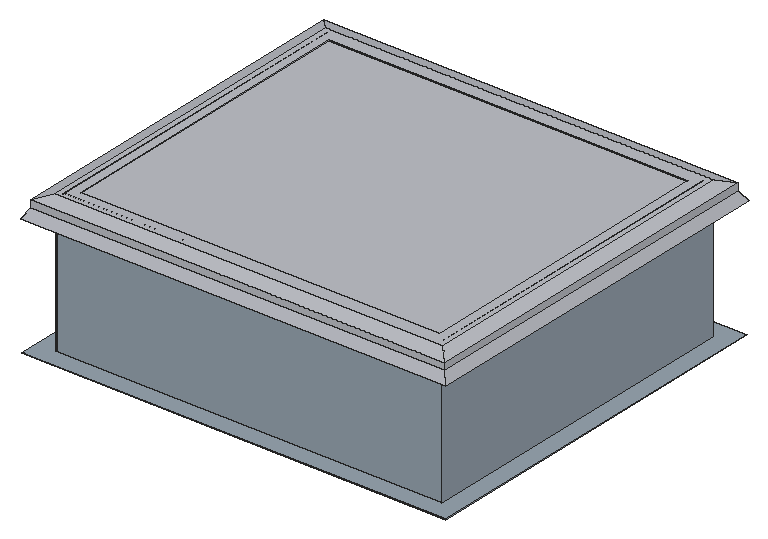
Revit family "Точечный зенитный фонарь (люк) M8CITY_П", category Окна, Revit 2017
Family settings
  Основа = Крыша
  Всегда вертикально = Нет
  При загрузке вырезать с полостями = Нет
  Общий = Нет
  Точка расчета площади = Нет
Parameters (values of type "Зенитный фонарь M8CITY Т-П-pro")
  Электронный адрес Отдела продаж [instance] = "info@m8city.by"  # constant formula
  Ширина проёма ввод = 1600 mm
  Ширина проёма = Width  # 1600 mm
  Width = if(Ширина проёма ввод < 700 mm, 700 mm, if(Ширина проёма ввод > 1700 mm, 1700 mm, Ширина проёма ввод))  # 1600 mm
  Угол открывания [instance] = 0.00°
  Угол начальный [instance] = Угол открывания - 90.00°  # -90.00°
  Телефон [instance] = "+375 17 388 44 32, +7 495 946 99 02"  # constant formula
  СПЛ25 = Купол зенитного фонаря П pro : Сендвич-панель 25 мм
  СП26 = Купол зенитного фонаря П pro : СП 26 мм
  СП24 = Купол зенитного фонаря П pro : СП 24 мм
  Привод [instance] = 3
  ПП20 = Купол зенитного фонаря П pro : ПК прозрачный 20 мм
  ПП16 = Купол зенитного фонаря П pro : ПК прозрачный 16 мм
  ПМ20 = Купол зенитного фонаря П pro : ПК молочный 20 мм
  ПМ16 = Купол зенитного фонаря П pro : ПК молочный 16 мм
  Описание = "Точечный зенитный фонарь (люк) M8CITY pro с алюминиевым обрамлением сложного сечения"  # constant formula
  Купол зенитного фонаря П pro [instance] = 7
  Купол зенитного фонаря [instance] = if(Купол зенитного фонаря П pro = 1, ПМ16, if(Купол зенитного фонаря П pro = 2, ПМ20, if(Купол зенитного фонаря П pro = 3, ПП16, if(Купол зенитного фонаря П pro = 4, ПП20, if(Купол зенитного фонаря П pro = 5, СП24, if(Купол зенитного фонаря П pro = 6, СП26, if(Купол зенитного фонаря П pro = 7, СПЛ25, ПМ16)))))))  # Купол зенитного фонаря П pro : Сендвич-панель 25 мм
  Изготовитель = "ООО Завод М8 Сити Про"  # constant formula
  Длина проёма ввод = 1400 mm
  Длина проёма = Длина  # 1400 mm
  Длина = if(Длина проёма ввод < 700 mm, 700 mm, if(Длина проёма ввод > 1700 mm, 1700 mm, Длина проёма ввод))  # 1400 mm
  Высота основания = 527 mm
  Height = Высота основания + 73 mm  # 600 mm
  Видимость привода [instance] = and(Привод < 5, not(Привод = 2))  # yes
  Бренд [instance] = "M8CITY"  # constant formula
  URL = "www.m8city.by"
  230В [instance] = and(Привод < 5, or(Привод = 2, Привод = 4))  # no
Reference planes
  plane 1 "По центру (Вперед/Назад)": y = 0
  plane 2 "Крыша": z = 4000
  plane 3 "По центру (Влево/Вправо)": x = 0
  plane 4: x = -800
  plane 5: x = 800
  plane 6: y = 700
  plane 7: y = -700
  plane 8: z = 4152.4
  plane 9: z = 4679.4
  plane 10: z = 4752.4
  plane 11: z = 4649.4
  plane 12: z = 4959.4
  plane 13: x = -805
  plane 14: y = -705
  plane 15: x = 805
  plane 16: y = 705
  plane 17 "Ось петель": z = 4680.4
  plane 18: x = 865
Forms (mm)
  Extrusion 1, solid, material "Сталь", detail levels coarse
    sketch origin (0, 0, 4000) x (1, 0, 0) y (0, 1, 0)
      loop
        line (-805, 705) -> (-805, -705) -> (805, -705) -> (805, 705) -> (-805, 705)
    from 152.4 to 679.4
  Sweep 2, solid, material "Сталь", detail levels medium+fine
    path origin (0, 0, 4000) x (1, 0, 0) y (0, 1, 0)
      loop
        line (-800, 700) -> (-800, -700) -> (800, -700) -> (800, 700) -> (-800, 700)
    profile origin (0, 700, 4000) x (0, 1, 0) y (0, 0, 1)
      loop
        line (0, 152.4) -> (80, 152.4) -> (80, 153.9) -> (1.5, 153.9) -> (1.5, 677.9) -> (63.5, 677.9) -> (63.5, 659.4) -> (65, 659.4) -> (65, 679.4) -> (0, 679.4) -> (0, 152.4)
  Extrusion 3, void, detail levels coarse
    sketch origin (0, 0, 4000) x (1, 0, 0) y (0, 1, 0)
      loop
        line (-800, 700) -> (-800, -700) -> (800, -700) -> (800, 700) -> (-800, 700)
    from 152.4 to 679.4
  Revolve 4, solid, not visible
    sketch origin (0, 0, 4680.4) x (-1, 0, 0) y (0, -1, 0)
      loop
        line (-800, -33.736) -> (-800, 36.264) -> (-820, 36.264) -> (-820, -33.736) -> (-800, -33.736)
      axis (-800, 36.264) -> (-800, -33.736)
    angle from -90 <- "Угол начальный" to 0 <- "Угол открывания"
  Extrusion 5, solid, material "Алюминий", detail levels coarse
    sketch origin (0, 0, 4000) x (1, 0, 0) y (0, 1, 0)
      loop
        line (-880, 780) -> (-880, -780) -> (880, -780) -> (880, 780) -> (-880, 780)
    from 679.4 to 737.721
Cuts and joins
  Extrusion 3 cuts Extrusion 1
  Extrusion 3 cuts Sweep 2
Lines and regions (mm)
  Opening 1
    outline origin (0, 0, 4152.4) x (0, 1, 0) y (-1, 0, 0)
      loop
        line (700, 800) -> (-700, 800) -> (-700, -800) -> (700, -800) -> (700, 800)
Dimensions and locks
  equal spacing: host sketch curve, plane 3 "По центру (Влево/Вправо)", host sketch curve
  equal spacing: host sketch curve, plane 1 "По центру (Вперед/Назад)", host sketch curve
  equal spacing: plane 4, plane 3 "По центру (Влево/Вправо)", plane 5
  equal spacing: plane 6, plane 1 "По центру (Вперед/Назад)", plane 7
  "Ширина проёма": plane 4 to plane 5
  "Длина проёма": plane 6 to plane 7
  "Высота основания": plane 9 to plane 8
  "Height": plane 10 to host roof
  plane 10 to plane 9 = 73 mm
  locked: plane 9 to plane 11 at 30
  locked: plane 12 to plane 9 at 280
  plane 12 to plane 9 = 280 mm
  locked: plane 16 to plane 6 at 5
  locked: plane 5 to plane 15 at 5
  locked: plane 7 to plane 14 at 5
  locked: plane 13 to plane 4 at 5
  locked: plane 4 to nested 1 at 30
  locked: plane 9 to nested 1 at 17.5
  locked: plane 17 "Ось петель" to plane 9 at 1
  locked: plane 15 to plane 18 at 60
  Extrusion 5 sketch curve to plane 4 = 80 mm
  Extrusion 5 sketch curve to plane 6 = 80 mm
  locked: plane 5 to Extrusion 5 sketch curve at 80
  locked: plane 7 to Extrusion 5 sketch curve at 80
  locked: Extrusion 5 to Extrusion 5 at 58.321
  aligned and locked: level to plane 2 "Крыша"
  aligned and locked: plane 8 to host roof
  aligned and locked: Extrusion 1 to plane 8
  aligned and locked: plane 9 to Extrusion 1
  aligned and locked: Opening 1 sketch curve to plane 6
  aligned and locked: Opening 1 sketch curve to plane 5
  aligned and locked: Opening 1 sketch curve to plane 7
  aligned and locked: Opening 1 sketch curve to plane 4
  aligned and locked: Sweep 2 sketch curve to plane 6
  aligned and locked: Sweep 2 sketch curve to plane 5
  aligned and locked: Sweep 2 sketch curve to plane 7
  aligned and locked: Sweep 2 sketch curve to plane 4
  aligned and locked: Sweep 2 to plane 8
  aligned and locked: plane 9 to Sweep 2
  aligned and locked: Extrusion 1 sketch curve to plane 13
  aligned and locked: Extrusion 1 sketch curve to plane 16
  aligned and locked: Extrusion 1 sketch curve to plane 14
  aligned and locked: Extrusion 1 sketch curve to plane 15
  aligned and locked: Extrusion 3 sketch curve to plane 4
  aligned and locked: Extrusion 3 sketch curve to plane 7
  aligned and locked: Extrusion 3 sketch curve to plane 6
  aligned and locked: Extrusion 3 sketch curve to plane 5
  aligned and locked: cut or joined group of Extrusion 1, Extrusion 3 to plane 8
  aligned and locked: plane 9 to cut or joined group of Extrusion 1, Extrusion 3
  aligned and locked: plane 1 "По центру (Вперед/Назад)" to nested 1
  aligned and locked: Revolve 4 sketch curve to host roof
  aligned and locked: plane 3 "По центру (Влево/Вправо)" to nested 2
  aligned and locked: nested 2 to plane 1 "По центру (Вперед/Назад)"
  aligned and locked: nested 2 to plane 8
  aligned and locked: Extrusion 5 to plane 9
  aligned and locked: nested 3 to plane 1 "По центру (Вперед/Назад)"
  aligned and locked: nested 3 to plane 3 "По центру (Влево/Вправо)"
Automatic sketch dimensions
  Revolve 4 sketch curve to plane 5 = 0 mm
  Revolve 4 sketch curve to plane 6 = 0 mm
  Revolve 4 sketch curve to plane 7 = 0 mm
  plane 15 to Revolve 4 sketch curve = 15 mm
  Revolve 4 sketch curve to plane 1 "По центру (Вперед/Назад)" = 33.736 mm
  plane 1 "По центру (Вперед/Назад)" to Revolve 4 sketch curve = 36.264 mm
  Sweep 2 sketch curve to profile plane = 0 mm
  Sweep 2 sketch curve to profile plane = 1.5 mm
  Sweep 2 sketch curve to profile plane = 63.5 mm
  Sweep 2 sketch curve to Sweep 2 sketch curve = 1.5 mm  (x3)
  Sweep 2 sketch curve to Sweep 2 sketch curve = 78.5 mm
  level to Sweep 2 sketch curve = 152.4 mm
  Sweep 2 sketch curve to Sweep 2 sketch curve = 505.5 mm
  Sweep 2 sketch curve to Sweep 2 sketch curve = 18.5 mm
Nested families
  nested 1: "Привод 230В" at (-770, 0, 4591.9), visible <- "230В", type "Привод 230В"
    with Ширина 1600 mm, Длина 1400 mm
  nested 2: "Привод" at (0, 0, 4152.4) x (0, 1, 0) z (0, 0, 1), visible <- "Видимость привода", type "Привод"
    with Ширина 1600 mm, Длина 1400 mm, Высота 527 mm
  nested 3: "Купол зенитного фонаря П pro" at (0, 0, 4680.4) x (-1, 0, 0) z (0, 0, 1), type <- "Купол зенитного фонаря", type "Сендвич-панель 25 мм", detail levels medium+fine
Definition of nested family "Привод 230В"
  Parameters (values of type "Привод 230В")
    Ширина = 1340 mm
    Длина = 1210.736 mm
  Reference planes
    plane 1 "По центру (Вперед/Назад)": y = 0
    plane 2: z = 0
    plane 3 "По центру (Влево/Вправо)": x = 0
    plane 4: z = 70
    plane 5: z = -615
    plane 6: z = -185
    plane 7: z = 55
    plane 8: z = -20
    plane 9: y = 45
    plane 10: y = -45
    plane 11: x = -850
    plane 12: x = -670
    plane 13: y = 605.368
    plane 14: x = 670
    plane 15: y = -605.368
  Forms (mm)
    Extrusion 1, solid
      sketch origin (0, 0, 0) x (1, 0, 0) y (0, 0, 1)
        loop
          line (0, -20) -> (0, -185) -> (90, -185) -> (90, -65) -> (69.016, -20) -> (0, -20)
      from -45 to 45
    Extrusion 2, solid
      sketch origin (0, 0, 0) x (1, 0, 0) y (0, 0, 1)
        loop
          line (0, -185) -> (0, -410) -> (40, -410) -> (40, -185) -> (0, -185)
      from -20 to 20
    Revolve 3, solid
      sketch origin (0, 0, 0) x (1, 0, 0) y (0, 0, 1)
        loop
          line (65, -185) -> (65, -210) -> (68, -210) -> (68, -200) -> (73, -200) -> (73, -185) -> (65, -185)
        axis (65, -185) -> (65, -210)
      angle from 0 to 360
    Revolve 4, solid
      sketch origin (0, 0, 0) x (1, 0, 0) y (0, 0, 1)
        loop
          line (12.727, 55) -> (12.727, -20) -> (25.454, -20) -> (25.454, 55) -> (12.727, 55)
        axis (12.727, -20) -> (12.727, 55)
      angle from 0 to 360
    Revolve 5, solid
      sketch origin (0, 0, 0) x (1, 0, 0) y (0, 0, 1)
        loop
          line (12.727, 55) -> (15.227, 55) -> (15.227, 70) -> (12.727, 70) -> (12.727, 55)
        axis (12.727, 70) -> (12.727, 55)
      angle from 0 to 360
    Extrusion 6, solid
      sketch origin (0, 0, 0) x (1, 0, 0) y (0, 0, 1)
        loop
          circle (12.727, 0) r 6
      from -20 to 20
  Dimensions and locks
    plane 4 to plane 2 = 70 mm
    locked: plane 2 to plane 6 at 185
    locked: plane 6 to plane 5 at 430
    locked: plane 7 to plane 2 at 55
    locked: plane 2 to plane 8 at 20
    locked: Extrusion 1 sketch curve to Extrusion 1 sketch curve at 90
    locked: plane 1 "По центру (Вперед/Назад)" to plane 9 at 45
    locked: plane 10 to plane 1 "По центру (Вперед/Назад)" at 45
    plane 1 "По центру (Вперед/Назад)" to Extrusion 2 = 20 mm
    Extrusion 2 to plane 1 "По центру (Вперед/Назад)" = 20 mm
    equal spacing: plane 12, plane 3 "По центру (Влево/Вправо)", plane 14
    equal spacing: plane 13, plane 1 "По центру (Вперед/Назад)", plane 15
    "Ширина": plane 12 to plane 14
    "Длина": plane 13 to plane 15
    aligned and locked: level to plane 2
    aligned and locked: Extrusion 2 sketch curve to plane 3 "По центру (Влево/Вправо)"
    aligned and locked: plane 9 to Extrusion 1
    aligned and locked: Extrusion 1 to plane 10
  Automatic sketch dimensions
    Extrusion 1 sketch curve to plane 3 "По центру (Влево/Вправо)" = 0 mm
    Extrusion 1 sketch curve to plane 8 = 0 mm
    Extrusion 1 sketch curve to plane 6 = 0 mm
    Extrusion 1 sketch curve to Extrusion 1 sketch curve = 20.984 mm
    Extrusion 1 sketch curve to plane 8 = 45 mm
    Revolve 3 sketch curve to plane 6 = 0 mm  (x2)
    plane 3 "По центру (Влево/Вправо)" to Revolve 3 sketch curve = 65 mm
    Revolve 3 sketch curve to Revolve 3 sketch curve = 3 mm
    Revolve 3 sketch curve to Revolve 3 sketch curve = 8 mm
    Revolve 3 sketch curve to plane 6 = 15 mm
    Revolve 3 sketch curve to Revolve 3 sketch curve = 10 mm
    Revolve 3 sketch curve to Revolve 3 sketch curve = 0 mm  (x2)
    Revolve 4 sketch curve to plane 7 = 0 mm  (x2)
    Revolve 4 sketch curve to plane 8 = 0 mm  (x2)
    plane 3 "По центру (Влево/Вправо)" to Revolve 4 sketch curve = 12.727 mm
    Revolve 4 sketch curve to Revolve 4 sketch curve = 12.727 mm
    Revolve 4 sketch curve to Revolve 4 sketch curve = 0 mm
    Revolve 5 sketch curve to plane 7 = 0 mm  (x2)
    Revolve 5 sketch curve to plane 4 = 0 mm  (x2)
    plane 3 "По центру (Влево/Вправо)" to Revolve 5 sketch curve = 12.727 mm
    Revolve 5 sketch curve to Revolve 5 sketch curve = 2.5 mm
    Revolve 5 sketch curve to Revolve 5 sketch curve = 0 mm
    Extrusion 6 sketch curve to level = 0 mm
    plane 3 "По центру (Влево/Вправо)" to Extrusion 6 sketch curve = 12.727 mm
    Extrusion 2 sketch curve to plane 6 = 0 mm
    plane 3 "По центру (Влево/Вправо)" to Extrusion 2 sketch curve = 40 mm
    plane 5 to Extrusion 2 sketch curve = 205 mm
    radius of Extrusion 6 sketch curve = 6 mm
Definition of nested family "Привод"
  Parameters (values of type "Привод")
    Ширина = 1200 mm
    Длина = 1700 mm
    Высота = 500 mm
  Reference planes
    plane 1 "По центру (Вперед/Назад)": y = 0
    plane 2: z = 0
    plane 3 "По центру (Влево/Вправо)": x = 0
    plane 4: y = 600
    plane 5: x = -850
    plane 6: x = 850
    plane 7: y = -600
    plane 8: z = 500
  Forms (mm)
    Sweep 1, solid
      path origin (0, 0, 0) x (0, 1, 0) y (0, 0, 1)
        loop
          line (-489.019, 0) -> (223.601, 449.528)
      profile origin (0, -132.709, 224.764) x (0, -0.533528, 0.845783) y (1, 0, 0)
        loop
          circle (0, 0) r 25
    Sweep 2, solid
      path origin (0, 0, 0) x (1, 0, 0) y (0, 1, 0)
        loop
          line (0, 600) -> (0, -600)
      profile origin (0, 0, 0) x (1, 0, 0) y (0, 0, 1)
        loop
          line (-25, 0) -> (-25, 61) -> (-45, 61) -> (-45, 59.5) -> (-26.5, 59.5) -> (-26.5, 1.5) -> (-45, 1.5) -> (-45, 0) -> (-25, 0)
        loop
          line (25, 0) -> (45, 0) -> (45, 1.5) -> (26.5, 1.5) -> (26.5, 59.5) -> (45, 59.5) -> (45, 61) -> (25, 61) -> (25, 0)
    Sweep 3, solid
      path origin (0, 0, 0) x (0, 1, 0) y (0, 0, 1)
        loop
          line (287.205, 489.272) -> (223.601, 449.528)
      profile origin (0, 255.403, 469.4) x (0, 0.529919, -0.848048) y (1, 0, 0)
        loop
          circle (-0.107, -0.041) r 5
  Dimensions and locks
    equal spacing: plane 5, plane 3 "По центру (Влево/Вправо)", plane 6
    "Длина": plane 5 to plane 6
    equal spacing: plane 4, plane 1 "По центру (Вперед/Назад)", plane 7
    "Ширина": plane 4 to plane 7
    "Высота": plane 8 to level
    aligned and locked: level to plane 2
    aligned and locked: Sweep 2 sketch curve to plane 3 "По центру (Влево/Вправо)"
    aligned and locked: Sweep 1 to Sweep 3 sketch curve
  Automatic sketch dimensions
    Sweep 1 sketch curve to plane 3 "По центру (Влево/Вправо)" = 0 mm
    Sweep 1 sketch curve to profile plane = 0 mm
    Sweep 2 sketch curve to plane 7 = 0 mm
    Sweep 2 sketch curve to plane 4 = 0 mm
    Sweep 2 sketch curve to level = 0 mm  (x2)
    profile plane to Sweep 2 sketch curve = 45 mm  (x2)
    level to Sweep 2 sketch curve = 1.5 mm  (x2)
    Sweep 2 sketch curve to Sweep 2 sketch curve = 18.5 mm  (x3)
    Sweep 2 sketch curve to Sweep 2 sketch curve = 1.5 mm  (x4)
    Sweep 2 sketch curve to profile plane = 25 mm
    Sweep 2 sketch curve to Sweep 2 sketch curve = 58 mm
    Sweep 2 sketch curve to Sweep 2 sketch curve = 0 mm
    Sweep 1 sketch curve to level = 0 mm
    plane 7 to Sweep 1 sketch curve = 110.981 mm
    Sweep 1 sketch curve to plane 8 = 50.472 mm
    Sweep 1 sketch curve to plane 4 = 376.399 mm
    Sweep 3 sketch curve to plane 3 "По центру (Влево/Вправо)" = 0.041 mm
    profile plane to Sweep 3 sketch curve = 0.107 mm
    Sweep 3 sketch curve to plane 8 = 50.472 mm
    Sweep 3 sketch curve to plane 8 = 10.728 mm
    Sweep 3 sketch curve to Sweep 3 sketch curve = 63.604 mm
    radius of Sweep 1 sketch curve = 25 mm
    radius of Sweep 3 sketch curve = 5 mm
Definition of nested family "Купол зенитного фонаря П pro"
  Parameters (values of type "ПК прозрачный 20 мм")
    Width = 1500 mm
    Толщина заполнения = 20 mm
    Default Elevation = 1219.2 mm
    Материал заполнения = none
    Длина = 1500 mm
    Analytic Construction = "<Нет>"
  Types (7, lengths in mm): name | Width | Толщина заполнения | Длина
    Сендвич-панель 25 мм | 1600 | 25 | 1400
    СП 24 мм | 1600 | 24 | 1400
    СП 26 мм | 1600 | 26 | 1400
    ПК молочный 16 мм | 1600 | 16 | 1400
    ПК молочный 20 мм | 1600 | 20 | 1400
    ПК прозрачный 16 мм | 1600 | 16 | 1400
    ПК прозрачный 20 мм | 1500 | 20 | 1500
  Reference planes
    plane 1 "По центру (Вперед/Назад)": y = 0
    plane 2: z = 0
    plane 3 "По центру (Влево/Вправо)": x = 0
    plane 4: x = -750
    plane 5: x = 750
    plane 6: y = 750
    plane 7: y = -750
    plane 8: y = 0
  Forms (mm)
    Extrusion 1, solid, detail levels medium+fine
      sketch origin (5, 0, 0) x (1, 0, 0) y (0, 0, 1)
        loop
          line (-696.967, 24.821) -> (-696.967, 6.775) -> (687, 6.775) -> (687, 24.875) -> (727, 24.875) -> (727, 26.875) -> (-736.967, 26.875) -> (-736.967, 24.821) -> (-696.967, 24.821)
      from -20 to 20
    Sweep 2, solid, detail levels medium+fine
      path origin (0, 0, 0) x (1, 0, 0) y (0, 1, 0)
        loop
          line (-750, 750) -> (-750, -750) -> (750, -750) -> (750, 750) -> (-750, 750)
      profile origin (0, 750, 0) x (0, 1, 0) y (0, 0, 1)
        loop
          line (5.467, 57.321) -> (-54.533, 57.321) -> (-54.533, 55.321) -> (-14.533, 55.321) -> (-14.533, 18.321) -> (-42.533, 18.321) -> (-42.533, 24.821) -> (-58.033, 24.821) -> (-58.033, 13.821) -> (-15.033, 13.821) -> (-15.033, -13.179) -> (57.967, -13.179) -> (69.181, -5.326) -> (82.4, -28.221) -> (84.006, -27.294) -> (60.856, 12.803) -> (60.856, 40.803) -> (5.467, 57.321)
    Extrusion 3, solid, material <- "Материал заполнения", detail levels medium+fine
      sketch origin (-0.922, 0, 0) x (1, 0, 0) y (0, 0, 1)
        loop
          line (-729.078, 55.321) -> (-729.078, 26.875) -> (729.586, 26.875) -> (729.586, 55.321) -> (-729.078, 55.321)
      from -730 to 730
  Dimensions and locks
    equal spacing: plane 4, plane 3 "По центру (Влево/Вправо)", plane 5
    equal spacing: plane 6, plane 1 "По центру (Вперед/Назад)", plane 7
    "Width": plane 4 to plane 5
    "Длина": plane 6 to plane 7
    locked: Extrusion 1 to Extrusion 1 at 40
    locked: Sweep 2 to plane 4 at 58.033
    locked: plane 5 to Extrusion 1 sketch curve at 58
    locked: plane 6 to Extrusion 3 at 20
    locked: Extrusion 3 to plane 5 at 21.336
    locked: Extrusion 3 to plane 7 at 20
    locked: plane 4 to Extrusion 3 at 20
    aligned and locked: level to plane 2
    aligned and locked: Sweep 2 sketch curve to plane 6
    aligned and locked: Sweep 2 sketch curve to plane 5
    aligned and locked: Sweep 2 sketch curve to plane 7
    aligned and locked: Sweep 2 sketch curve to plane 4
    aligned and locked: Sweep 2 to Extrusion 1 sketch curve
    aligned and locked: Sweep 2 to Extrusion 3 sketch curve
    aligned and locked: Extrusion 1 to Extrusion 3 sketch curve
  Automatic sketch dimensions
    profile plane to Sweep 2 sketch curve = 58.033 mm
    profile plane to Sweep 2 sketch curve = 54.533 mm
    profile plane to Sweep 2 sketch curve = 42.533 mm
    profile plane to Sweep 2 sketch curve = 15.033 mm
    Sweep 2 sketch curve to Sweep 2 sketch curve = 0.5 mm
    Sweep 2 sketch curve to level = 13.179 mm
    Sweep 2 sketch curve to Sweep 2 sketch curve = 73 mm
    level to Sweep 2 sketch curve = 12.803 mm
    Sweep 2 sketch curve to Sweep 2 sketch curve = 2.889 mm
    Sweep 2 sketch curve to level = 5.326 mm
    Sweep 2 sketch curve to Sweep 2 sketch curve = 11.215 mm
    Sweep 2 sketch curve to level = 28.221 mm
    Sweep 2 sketch curve to Sweep 2 sketch curve = 13.219 mm
    level to Sweep 2 sketch curve = 13.821 mm
    Sweep 2 sketch curve to Sweep 2 sketch curve = 4.5 mm
    Sweep 2 sketch curve to Sweep 2 sketch curve = 6.5 mm
    Sweep 2 sketch curve to Sweep 2 sketch curve = 30.5 mm
    Sweep 2 sketch curve to Sweep 2 sketch curve = 2 mm
    Sweep 2 sketch curve to Sweep 2 sketch curve = 20 mm
    level to Sweep 2 sketch curve = 40.803 mm
    level to Extrusion 1 sketch curve = 6.775 mm
    plane 4 to Extrusion 1 sketch curve = 58.033 mm
    plane 4 to Extrusion 1 sketch curve = 18.033 mm
    Extrusion 1 sketch curve to Extrusion 1 sketch curve = 18.1 mm
    Extrusion 1 sketch curve to Extrusion 1 sketch curve = 2.054 mm
    Extrusion 1 sketch curve to plane 5 = 18 mm
    plane 4 to Extrusion 3 sketch curve = 20 mm
    Extrusion 3 sketch curve to plane 5 = 21.336 mm
